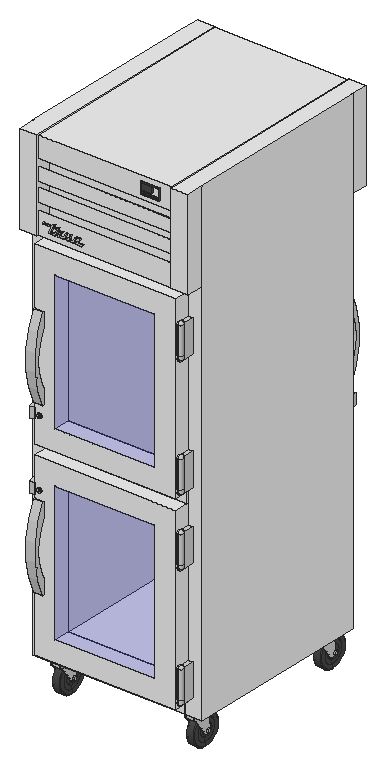
Revit family "QF_TRUE_STR1RPT-2HG-1G-HC", category Specialty Equipment, Revit 2012
Parameters
  Weight in Pounds = 0
  Watts = Volts * FL Amps  # 437 W
  Volts = 115 V
  URL Manufacturer = "www.truemfg.com"
  URL Cutsheet = "www.truemfg.com"
  URL = "www.truemfg.com"
  Type Mark [instance] = ""
  Type Comments = "www.truemfg.com"
  Status [instance] = ""
  Specification by User [instance] = ""
  Specification by Manufacturer = ""
  Show Seismic Flanged [instance] = no
  Show Logo [instance] = yes
  Show Legs [instance] = no
  Show Clearance [instance] = yes
  Serial Number = ""
  Seismic Rating = ""
  Seismic Plate [instance] = and(Show Seismic Flanged, not(Show Casters))  # no
  SMACNA No = ""
  Revision Code [instance] = ""
  Phase = 1
  Omniclass Number and Title = ""
  Number of Poles [instance] = 1
  NAFEM Spec ID Number = ""
  Model = "STR1RPT-2HG-1G-HC"
  Min Ckt Ampacity = 15 A
  Max Overcurrent Protection = 15 A
  MasterSpec. = ""
  Manufacturer = "TRUE FOOD SERVICE EQUIPMENT, INC."
  Length = 27 1/2"
  Legs [instance] = or(Show Legs, Show Seismic Flanged)  # no
  Item Number [instance] = ""
  Installed By [instance] = ""
  Identify Quantity as Lot [instance] = yes
  Height = 77 3/4"
  HP = "1/4"
  Furnished By [instance] = ""
  Foodservice Equipment Identifier [instance] = yes
  FL Amps = 3.8 A
  Electrical Remarks [instance] = ""
  Electric Connection Type [instance] = ""
  Elec Conn RI Height [instance] = 0"
  Elec Conn Connection Height [instance] = 0"
  Description = "PASS-THRU HALF GLASS FRONT/GLASS REAR SWING DOORS REFRIGERATOR WITH HYDROCARBON REFRIGERANT"
  Depth = 36 1/8"
  Cycle = 60 Hz
  Conn Plug = "5-15P"
  Conn Conduit = yes
  Show Casters [instance] = and(not(if(Show Legs, Show Legs, Show Legs)), not(if(Show Legs, Show Legs, Show Seismic Flanged)))  # yes
  CSI MasterFormat = ""
  CSI Master Format = ""
  Apparent Power = if(Phase = 3, Volts * FL Amps * 1.73, Volts * FL Amps)  # 437 VA
Reference planes (in)
  plane 1: z = 0
  plane 2 "LEFT": x = 0
  plane 3 "RIGHT": x = 27.5
  plane 4 "FRONT": y = -33.75
  plane 5 "TOP": z = 84.125
  plane 6: z = 6.125
  plane 7: y = -33.7042
  plane 8: y = 2.375
  plane 9: y = -35.40625
  plane 10: y = 4.03125
Forms (in)
  Extrusion 1, solid, material "QF_Finishes_Chrome - Satin"
    sketch origin (0.09687, 0, 0) x (1, 0, 0) y (0, 1, 0)
      loop
        line (-0.09687, -0.375) -> (-0.09687, -31) -> (2.7625, -31) -> (2.7625, -0.375) -> (-0.09687, -0.375)
    from 6.125 to 84.125
  Extrusion 2, solid, material "QF_Finishes_Chrome - Satin"
    sketch origin (50.15, 0, 0) x (1, 0, 0) y (0, 1, 0)
      loop
        line (-25.50937, -0.375) -> (-25.50937, -31) -> (-22.65, -31) -> (-22.65, -0.375) -> (-25.50937, -0.375)
    from 6.125 to 84.125
  Extrusion 3, solid, material "QF_Finishes_Chrome - Satin"
    sketch origin (0, 0, 0) x (0, 1, 0) y (0, 0, 1)
      loop
        line (-33.5625, 69.5) -> (-31, 69.5) -> (-31, 64.75) -> (-0.375, 64.75) -> (-0.375, 69.5) -> (2.1875, 69.5) -> (2.1875, 73.29302) -> (-0.15841, 71.625) -> (-0.15841, 72.90057) -> (2.1875, 74.56859) -> (2.1875, 76.6648) -> (-0.15841, 74.99678) -> (-0.15841, 75.95754) -> (2.1875, 77.62556) -> (2.1875, 79.75927) -> (-0.15841, 78.09125) -> (-0.15841, 79.21352) -> (2.1875, 80.88154) -> (2.1875, 84.125) -> (-33.5625, 84.125) -> (-33.5625, 80.68002) -> (-31.5, 79.21352) -> (-31.5, 78.09125) -> (-33.5625, 79.55776) -> (-33.5625, 77.42405) -> (-31.5, 75.95754) -> (-31.5, 74.99678) -> (-33.5625, 76.46328) -> (-33.5625, 74.36708) -> (-31.5, 72.90057) -> (-31.5, 71.625) -> (-33.5625, 73.09151) -> (-33.5625, 69.5)
      loop
        line (-31, 6.125) -> (-0.375, 6.125) -> (-0.375, 8.94743) -> (-31, 8.94743) -> (-31, 6.125)
    from 2.85938 to 24.64063
  Extrusion 4, solid, material "QF_Finishes_Chrome - Satin"
    sketch origin (0.10531, 0, 0) x (1, 0, 0) y (0, 1, 0)
      loop
        line (27.34782, -31) -> (24.53532, -31) -> (24.53532, -33.75) -> (27.34782, -33.75) -> (27.34782, -31)
    from 69.5 to 84.125
  Extrusion 5, solid, material "QF_Finishes_Chrome - Satin"
    sketch origin (-50.19421, 0, 0.25) x (1, 0, 0) y (0, 1, 0)
      loop
        line (53.05359, -31) -> (50.24109, -31) -> (50.24109, -33.75) -> (53.05359, -33.75) -> (53.05359, -31)
    from 69.25 to 83.875
  Extrusion 6, solid, material "QF_Finishes_Handrails and Railings", visible <- "Show Logo"
    sketch origin (0.33478, 1.08173, -6.73143) x (1, 0, 0) y (0, 0, 1)
      loop
        line (3.46044, 78.46231) -> (3.35478, 78.23573) -> (4.76027, 78.23573)
        arc (4.76027, 78.23573) -> (4.78879, 78.18528) -> (4.76027, 78.13484) r 0.05887
        line (4.76027, 78.13484) -> (4.39369, 77.34872)
        arc (4.39369, 77.34872) -> (4.39051, 77.27591) -> (4.43975, 77.22217) r 0.09523
        line (4.43975, 77.22217) -> (5.33844, 77.22217)
        arc (5.33844, 77.22217) -> (5.45192, 77.25795) -> (5.52436, 77.35235) r 0.19785
        line (5.52436, 77.35235) -> (5.81285, 77.97101) -> (6.0779, 77.97101)
        arc (6.0779, 77.97101) -> (6.14744, 77.94543) -> (6.13737, 77.87203) r 0.05911
        line (6.13737, 77.87203) -> (5.89598, 77.35437)
        arc (5.89598, 77.35437) -> (5.89974, 77.2684) -> (5.97231, 77.22217) r 0.09318
        line (5.97231, 77.22217) -> (6.76198, 77.22217)
        arc (6.76198, 77.22217) -> (6.82249, 77.24419) -> (6.85468, 77.29995) r 0.09412
        arc (6.85468, 77.29995) -> (6.87746, 77.24495) -> (6.93246, 77.22217) r 0.07778
        line (6.93246, 77.22217) -> (7.43246, 77.22217)
        arc (7.43246, 77.22217) -> (7.49022, 77.23765) -> (7.53251, 77.27993) r 0.11552
        arc (7.53251, 77.27993) -> (7.55275, 77.23106) -> (7.60162, 77.21081) r 0.06912
        line (7.60162, 77.21081) -> (8.31225, 77.21081)
        arc (8.31225, 77.21081) -> (8.37034, 77.23488) -> (8.39441, 77.29297) r 0.08216
        arc (8.39441, 77.29297) -> (8.44767, 77.23972) -> (8.52042, 77.22022) r 0.14551
        line (8.52042, 77.22022) -> (9.85158, 77.22022) -> (9.99946, 77.47634) -> (8.65678, 77.47634)
        arc (8.65678, 77.47634) -> (8.61972, 77.50204) -> (8.61834, 77.54711) r 0.05009
        line (8.61834, 77.54711) -> (8.64157, 77.59692)
        arc (8.64157, 77.59692) -> (8.67723, 77.64364) -> (8.73327, 77.66135) r 0.09747
        line (8.73327, 77.66135) -> (9.16485, 77.66135)
        arc (9.16485, 77.66135) -> (9.258, 77.68631) -> (9.32619, 77.7545) r 0.1863
        line (9.32619, 77.7545) -> (9.45119, 77.97101)
        arc (9.45119, 77.97101) -> (9.45119, 78.08657) -> (9.35111, 78.14434) r 0.11556
        line (9.35111, 78.14434) -> (8.89562, 78.14434)
        arc (8.89562, 78.14434) -> (8.7795, 78.12462) -> (8.69849, 78.03912) r 0.18605
        line (8.69849, 78.03912) -> (8.48204, 77.57493)
        arc (8.48204, 77.57493) -> (8.41815, 77.49167) -> (8.31806, 77.46011) r 0.1745
        line (8.31806, 77.46011) -> (7.84559, 77.46011)
        arc (7.84559, 77.46011) -> (7.78903, 77.52184) -> (7.79268, 77.60548) r 0.10939
        line (7.79268, 77.60548) -> (8.04395, 78.14434) -> (7.88403, 78.14434) -> (7.61781, 77.57344)
        arc (7.61781, 77.57344) -> (7.56609, 77.50603) -> (7.48505, 77.48048) r 0.14128
        line (7.48505, 77.48048) -> (7.15925, 77.48048)
        arc (7.15925, 77.48048) -> (7.10419, 77.55223) -> (7.116, 77.64189) r 0.11816
        line (7.116, 77.64189) -> (7.3503, 78.14434) -> (7.18514, 78.14434) -> (6.91546, 77.566)
        arc (6.91546, 77.566) -> (6.85285, 77.50339) -> (6.76733, 77.48048) r 0.17104
        line (6.76733, 77.48048) -> (6.29555, 77.48048)
        arc (6.29555, 77.48048) -> (6.21082, 77.51999) -> (6.20267, 77.61313) r 0.0935
        line (6.20267, 77.61313) -> (6.35774, 77.94569) -> (6.57695, 77.94569)
        arc (6.57695, 77.94569) -> (6.61395, 78.05717) -> (6.69267, 78.14434) r 0.2857
        line (6.69267, 78.14434) -> (5.83605, 78.14434)
        arc (5.83605, 78.14434) -> (5.74086, 78.12324) -> (5.67498, 78.05135) r 0.16212
        line (5.67498, 78.05135) -> (5.44279, 77.55341)
        arc (5.44279, 77.55341) -> (5.3894, 77.50002) -> (5.31647, 77.48048) r 0.14586
        line (5.31647, 77.48048) -> (4.80506, 77.48048)
        arc (4.80506, 77.48048) -> (4.76514, 77.53442) -> (4.77274, 77.60109) r 0.09155
        line (4.77274, 77.60109) -> (5.11018, 78.23573) -> (5.96155, 78.23573) -> (6.06721, 78.46231) -> (5.21584, 78.46231) -> (5.32149, 78.68888) -> (5.01862, 78.68888) -> (4.91297, 78.46231) -> (3.46044, 78.46231)
      loop
        arc (8.83805, 77.93863) -> (8.80119, 77.92875) -> (8.7742, 77.90176) r 0.07373
        line (8.7742, 77.90176) -> (8.75229, 77.83436)
        arc (8.75229, 77.83436) -> (8.76245, 77.80983) -> (8.78699, 77.79966) r 0.0347
        line (8.78699, 77.79966) -> (9.15948, 77.79966)
        arc (9.15948, 77.79966) -> (9.18632, 77.80561) -> (9.20812, 77.82234) r 0.0635
        line (9.20812, 77.82234) -> (9.22624, 77.90622)
        arc (9.22624, 77.90622) -> (9.22091, 77.92868) -> (9.20009, 77.93863) r 0.02676
        line (9.20009, 77.93863) -> (8.83805, 77.93863)
    from 34.64423 to 34.83173
  Extrusion 7, solid
    sketch origin (-25.125, 2.60721, 0) x (1, 0, 0) y (0, 0, 1)
      loop
        circle (49.375, 82) r 0.25
    from 0.23221 to 0.125
  Revolve 8, solid, material "QF_Finishes_Black", visible <- "Show Casters"
    sketch origin (22.65625, -27.375, 0) x (1, 0, 0) y (0, 0, 1)
      loop
        line (1.475, 5) -> (1.375, 4.9) -> (1.375, 4.29941) -> (1.53601, 4.29941) -> (1.53601, 3.54941) -> (1.375, 3.54941) -> (1.375, 2.79941) -> (0.975, 2.79941) -> (0.975, 2.5) -> (3.025, 2.5) -> (3.025, 2.79941) -> (2.62908, 2.79941) -> (2.62908, 3.54941) -> (2.46399, 3.54941) -> (2.46399, 4.29941) -> (2.62908, 4.29941) -> (2.62908, 4.89592) -> (2.525, 5) -> (1.475, 5)
      axis (3.025, 2.5) -> (0.975, 2.5)
    angle from 0 to 360
  Extrusion 9, solid, material "QF_Finishes_Handrails and Railings", visible <- "Show Casters"
    sketch origin (22.65625, 0, 0) x (0, 1, 0) y (0, 0, 1)
      loop
        line (-29.95136, 5.48574) -> (-29.95136, 4.88089) -> (-29.70136, 4.88089) -> (-27.95216, 2.18736)
        arc (-27.95216, 2.18736) -> (-27.23883, 1.94868) -> (-26.84581, 2.59003) r 0.60416
        line (-26.84581, 2.59003) -> (-27.20136, 5.48574) -> (-29.95136, 5.48574)
      loop
        line (-4.45145, 5.48574) -> (-4.45145, 4.88089) -> (-4.20145, 4.88089) -> (-2.45225, 2.18736)
        arc (-2.45225, 2.18736) -> (-1.73892, 1.94868) -> (-1.3459, 2.59003) r 0.60416
        line (-1.3459, 2.59003) -> (-1.70145, 5.48574) -> (-4.45145, 5.48574)
    from 1.175 to 1.325
  Extrusion 10, solid, material "QF_Finishes_Handrails and Railings", visible <- "Show Casters"
    sketch origin (24.15625, 0, 0) x (0, 1, 0) y (0, 0, 1)
      loop
        line (-29.95136, 5.48574) -> (-29.95136, 4.88089) -> (-29.70136, 4.88089) -> (-27.95216, 2.18736)
        arc (-27.95216, 2.18736) -> (-27.23883, 1.94868) -> (-26.84581, 2.59003) r 0.60416
        line (-26.84581, 2.59003) -> (-27.20136, 5.48574) -> (-29.95136, 5.48574)
      loop
        line (-4.45145, 5.48574) -> (-4.45145, 4.88089) -> (-4.20145, 4.88089) -> (-2.45225, 2.18736)
        arc (-2.45225, 2.18736) -> (-1.73892, 1.94868) -> (-1.3459, 2.59003) r 0.60416
        line (-1.3459, 2.59003) -> (-1.70145, 5.48574) -> (-4.45145, 5.48574)
    from 1.175 to 1.325
  Revolve 11, solid, material "QF_Finishes_Chrome - Satin", visible <- "Show Casters"
    sketch origin (22.65625, -28.5625, -0.5) x (1, 0, 0) y (0, 0, 1)
      loop
        line (2, 5.99546) -> (2, 6.62359) -> (0.70293, 6.62359) -> (0.70293, 5.99546) -> (2, 5.99546)
      axis (2, 5.99546) -> (2, 6.62359)
    angle from 0 to 360
  Revolve 12, solid, material "QF_Finishes_Chrome - Satin", visible <- "Legs"
    sketch origin (22.65625, -2.69102, 0) x (1, 0, 0) y (0, 0, 1)
      loop
        line (2, 6.125) -> (0.66662, 6.125) -> (1.25, 1) -> (1.5, 1) -> (1.5, 0) -> (2, 0) -> (2, 6.125)
      axis (2, 0) -> (2, 6.125)
    angle from 0 to 360
  Revolve 13, solid, material "QF_Finishes_Chrome - Satin", visible <- "Legs"
    sketch origin (22.65625, -28.5625, 0) x (1, 0, 0) y (0, 0, 1)
      loop
        line (2, 6.125) -> (0.66662, 6.125) -> (1.25, 1) -> (1.5, 1) -> (1.5, 0) -> (2, 0) -> (2, 6.125)
      axis (2, 0) -> (2, 6.125)
    angle from 0 to 360
  Revolve 14, solid, material "QF_Finishes_Chrome - Satin", visible <- "Show Casters"
    sketch origin (22.65625, -2.70321, -0.5) x (1, 0, 0) y (0, 0, 1)
      loop
        line (2, 5.99546) -> (2, 6.62359) -> (0.70293, 6.62359) -> (0.70293, 5.99546) -> (2, 5.99546)
      axis (2, 5.99546) -> (2, 6.62359)
    angle from 0 to 360
  Extrusion 15, solid, material "QF_Finishes_Handrails and Railings", visible <- "Show Casters"
    sketch origin (-25.125, 0, 0) x (0, 1, 0) y (0, 0, 1)
      loop
        line (-29.95136, 5.48574) -> (-29.95136, 4.88089) -> (-29.70136, 4.88089) -> (-27.16533, 5.19227) -> (-27.20136, 5.48574) -> (-29.95136, 5.48574)
      loop
        line (-4.45145, 5.48574) -> (-4.45145, 4.88089) -> (-4.20145, 4.88089) -> (-1.66542, 5.19227) -> (-1.70145, 5.48574) -> (-4.45145, 5.48574)
    from 49.10625 to 50.45625
  Revolve 16, solid, material "QF_Finishes_Black", visible <- "Show Casters"
    sketch origin (0.84375, -27.375, 0) x (1, 0, 0) y (0, 0, 1)
      loop
        line (1.475, 5) -> (1.375, 4.9) -> (1.375, 4.29941) -> (1.53601, 4.29941) -> (1.53601, 3.54941) -> (1.375, 3.54941) -> (1.375, 2.79941) -> (0.975, 2.79941) -> (0.975, 2.5) -> (3.025, 2.5) -> (3.025, 2.79941) -> (2.62908, 2.79941) -> (2.62908, 3.54941) -> (2.46399, 3.54941) -> (2.46399, 4.29941) -> (2.62908, 4.29941) -> (2.62908, 4.89592) -> (2.525, 5) -> (1.475, 5)
      axis (3.025, 2.5) -> (0.975, 2.5)
    angle from 0 to 360
  Extrusion 17, solid, material "QF_Finishes_Handrails and Railings", visible <- "Show Casters"
    sketch origin (0.84375, 0, 0) x (0, 1, 0) y (0, 0, 1)
      loop
        line (-29.95136, 5.48574) -> (-29.95136, 4.88089) -> (-29.70136, 4.88089) -> (-27.95216, 2.18736)
        arc (-27.95216, 2.18736) -> (-27.23883, 1.94868) -> (-26.84581, 2.59003) r 0.60416
        line (-26.84581, 2.59003) -> (-27.20136, 5.48574) -> (-29.95136, 5.48574)
      loop
        line (-4.45145, 5.48574) -> (-4.45145, 4.88089) -> (-4.20145, 4.88089) -> (-2.45225, 2.18736)
        arc (-2.45225, 2.18736) -> (-1.73892, 1.94868) -> (-1.3459, 2.59003) r 0.60416
        line (-1.3459, 2.59003) -> (-1.70145, 5.48574) -> (-4.45145, 5.48574)
    from 1.175 to 1.325
  Extrusion 18, solid, material "QF_Finishes_Handrails and Railings", visible <- "Show Casters"
    sketch origin (2.34375, 0, 0) x (0, 1, 0) y (0, 0, 1)
      loop
        line (-29.95136, 5.48574) -> (-29.95136, 4.88089) -> (-29.70136, 4.88089) -> (-27.95216, 2.18736)
        arc (-27.95216, 2.18736) -> (-27.23883, 1.94868) -> (-26.84581, 2.59003) r 0.60416
        line (-26.84581, 2.59003) -> (-27.20136, 5.48574) -> (-29.95136, 5.48574)
      loop
        line (-4.45145, 5.48574) -> (-4.45145, 4.88089) -> (-4.20145, 4.88089) -> (-2.45225, 2.18736)
        arc (-2.45225, 2.18736) -> (-1.73892, 1.94868) -> (-1.3459, 2.59003) r 0.60416
        line (-1.3459, 2.59003) -> (-1.70145, 5.48574) -> (-4.45145, 5.48574)
    from 1.175 to 1.325
  Revolve 19, solid, material "QF_Finishes_Chrome - Satin", visible <- "Show Casters"
    sketch origin (0.84375, -28.5625, -0.5) x (1, 0, 0) y (0, 0, 1)
      loop
        line (2, 5.99546) -> (2, 6.62359) -> (0.70293, 6.62359) -> (0.70293, 5.99546) -> (2, 5.99546)
      axis (2, 5.99546) -> (2, 6.62359)
    angle from 0 to 360
  Revolve 20, solid, material "QF_Finishes_Chrome - Satin", visible <- "Legs"
    sketch origin (0.84375, -2.69102, 0) x (1, 0, 0) y (0, 0, 1)
      loop
        line (2, 6.125) -> (0.66662, 6.125) -> (1.25, 1) -> (1.5, 1) -> (1.5, 0) -> (2, 0) -> (2, 6.125)
      axis (2, 0) -> (2, 6.125)
    angle from 0 to 360
  Revolve 21, solid, material "QF_Finishes_Chrome - Satin", visible <- "Legs"
    sketch origin (0.84375, -28.5625, 0) x (1, 0, 0) y (0, 0, 1)
      loop
        line (2, 6.125) -> (0.66662, 6.125) -> (1.25, 1) -> (1.5, 1) -> (1.5, 0) -> (2, 0) -> (2, 6.125)
      axis (2, 0) -> (2, 6.125)
    angle from 0 to 360
  Revolve 22, solid, material "QF_Finishes_Chrome - Satin", visible <- "Show Casters"
    sketch origin (0.84375, -2.70321, -0.5) x (1, 0, 0) y (0, 0, 1)
      loop
        line (2, 5.99546) -> (2, 6.62359) -> (0.70293, 6.62359) -> (0.70293, 5.99546) -> (2, 5.99546)
      axis (2, 5.99546) -> (2, 6.62359)
    angle from 0 to 360
  Extrusion 23, solid, material "QF_Finishes_Handrails and Railings", visible <- "Show Casters"
    sketch origin (-46.9375, 0, 0) x (0, 1, 0) y (0, 0, 1)
      loop
        line (-29.95136, 5.48574) -> (-29.95136, 4.88089) -> (-29.70136, 4.88089) -> (-27.16533, 5.19227) -> (-27.20136, 5.48574) -> (-29.95136, 5.48574)
      loop
        line (-4.45145, 5.48574) -> (-4.45145, 4.88089) -> (-4.20145, 4.88089) -> (-1.66542, 5.19227) -> (-1.70145, 5.48574) -> (-4.45145, 5.48574)
    from 49.10625 to 50.45625
  Extrusion 24, solid, material "QF_Finishes_Chrome - Satin"
    sketch origin (-25.125, -31.7042, -0.71875) x (1, 0, 0) y (0, 0, -1)
      loop
        line (27.40625, -68.6875) -> (50.34375, -68.6875) -> (50.34375, -8.75) -> (27.40625, -8.75) -> (27.40625, -68.6875)
      loop
        line (47, -12.09375) -> (30.75, -12.09375) -> (30.75, -65.34375) -> (47, -65.34375) -> (47, -12.09375)
    from 31.3292 to 33.8917
  Extrusion 25, solid, material "Glass"
    sketch origin (-25.125, -31.7042, -0.71875) x (1, 0, 0) y (0, 0, -1)
      loop
        line (47, -12.09375) -> (30.75, -12.09375) -> (30.75, -65.34375) -> (47, -65.34375) -> (47, -12.09375)
    from 31.3292 to 33.8917
  Extrusion 26, solid, material "QF_Finishes_Chrome - Satin"
    sketch origin (0.10531, -31.3292, 0) x (1, 0, 0) y (0, 1, 0)
      loop
        line (27.34782, 30.9542) -> (27.34782, 33.7042) -> (24.53532, 33.7042) -> (24.53532, 30.9542) -> (27.34782, 30.9542)
    from 69.5 to 84.125
  Extrusion 27, solid, material "QF_Finishes_Chrome - Satin"
    sketch origin (-50.19421, -31.3292, 0.25) x (1, 0, 0) y (0, 1, 0)
      loop
        line (53.05359, 30.625) -> (53.05359, 33.7042) -> (50.24109, 33.7042) -> (50.24109, 30.625) -> (53.05359, 30.625)
    from 69.25 to 83.875
  Extrusion 28, solid, material "QF_Finishes_Handrails and Railings"
    sketch origin (1.28125, -31.10979, 0) x (0, -1, 0) y (0, 0, -1)
      loop
        line (-30.73479, -64.55229) -> (-30.73479, -59.23627) -> (-32.875, -59.23627) -> (-32.875, -59.94848) -> (-32.43997, -59.94848) -> (-32.43997, -64.34776)
        arc (-32.43997, -64.34776) -> (-32.38006, -64.49238) -> (-32.23544, -64.55229) r 0.20453
        line (-32.23544, -64.55229) -> (-30.73479, -64.55229)
    from 0.17506 to 1
  Revolve 29, solid, material "QF_Finishes_Handrails and Railings"
    sketch origin (1.78125, -31.10979, 0) x (0, -1, 0) y (0, 0, -1)
      loop
        line (-32.89063, -60.00189) -> (-33.29729, -60.00189) -> (-33.29729, -64.4736)
        arc (-33.29729, -64.4736) -> (-33.16222, -64.72557) -> (-32.89063, -64.81483) r 0.3848
        line (-32.89063, -64.81483) -> (-32.89063, -60.00189)
      loop
        line (-32.89063, -59.94848) -> (-32.89063, -59.04781)
        arc (-32.89063, -59.04781) -> (-33.15764, -59.13383) -> (-33.29729, -59.37712) r 0.38884
        line (-33.29729, -59.37712) -> (-33.29729, -59.94848) -> (-32.89063, -59.94848)
      axis (-32.89063, -59.04781) -> (-32.89063, -64.81483)
    angle from 0 to 360
  Extrusion 30, solid, material "QF_Finishes_Handrails and Railings"
    sketch origin (-0.03125, -31.44079, 0) x (1, 0, 0) y (0, 0, -1)
      loop
        line (1.91491, -64.4736) -> (2.3125, -64.4736) -> (2.3125, -60.00079) -> (1.91491, -60.00079) -> (1.91491, -64.4736)
    from 32.81497 to 33.59495
  Extrusion 31, solid, material "QF_Finishes_Handrails and Railings"
    sketch origin (1.28125, -31.10979, -19.5) x (0, -1, 0) y (0, 0, -1)
      loop
        line (-30.73479, -64.55229) -> (-30.73479, -59.23627) -> (-32.875, -59.23627) -> (-32.875, -59.94848) -> (-32.43997, -59.94848) -> (-32.43997, -64.34776)
        arc (-32.43997, -64.34776) -> (-32.38006, -64.49238) -> (-32.23544, -64.55229) r 0.20453
        line (-32.23544, -64.55229) -> (-30.73479, -64.55229)
    from 0.17506 to 1
  Revolve 32, solid, material "QF_Finishes_Handrails and Railings"
    sketch origin (1.78125, -31.10979, -19.5) x (0, -1, 0) y (0, 0, -1)
      loop
        line (-32.89063, -60.00189) -> (-33.29729, -60.00189) -> (-33.29729, -64.4736)
        arc (-33.29729, -64.4736) -> (-33.16222, -64.72557) -> (-32.89063, -64.81483) r 0.3848
        line (-32.89063, -64.81483) -> (-32.89063, -60.00189)
      loop
        line (-32.89063, -59.94848) -> (-32.89063, -59.04781)
        arc (-32.89063, -59.04781) -> (-33.15764, -59.13383) -> (-33.29729, -59.37712) r 0.38884
        line (-33.29729, -59.37712) -> (-33.29729, -59.94848) -> (-32.89063, -59.94848)
      axis (-32.89063, -59.04781) -> (-32.89063, -64.81483)
    angle from 0 to 360
  Extrusion 33, solid, material "QF_Finishes_Handrails and Railings"
    sketch origin (-0.03125, -31.44079, -19.5) x (1, 0, 0) y (0, 0, -1)
      loop
        line (1.91491, -64.4736) -> (2.3125, -64.4736) -> (2.3125, -60.00189) -> (1.91491, -60.00189) -> (1.91491, -64.4736)
    from 32.81497 to 33.59495
  Extrusion 34, solid, material "QF_Finishes_Handrails and Railings"
    sketch origin (1.28125, -31.10979, -30.5) x (0, -1, 0) y (0, 0, -1)
      loop
        line (-30.73479, -64.55229) -> (-30.73479, -59.23627) -> (-32.875, -59.23627) -> (-32.875, -59.94848) -> (-32.43997, -59.94848) -> (-32.43997, -64.34776)
        arc (-32.43997, -64.34776) -> (-32.38006, -64.49238) -> (-32.23544, -64.55229) r 0.20453
        line (-32.23544, -64.55229) -> (-30.73479, -64.55229)
    from 0.17506 to 1
  Revolve 35, solid, material "QF_Finishes_Handrails and Railings"
    sketch origin (1.78125, -31.10979, -30.5) x (0, -1, 0) y (0, 0, -1)
      loop
        line (-32.89063, -60.00189) -> (-33.29729, -60.00189) -> (-33.29729, -64.4736)
        arc (-33.29729, -64.4736) -> (-33.16222, -64.72557) -> (-32.89063, -64.81483) r 0.3848
        line (-32.89063, -64.81483) -> (-32.89063, -60.00189)
      loop
        line (-32.89063, -59.94848) -> (-32.89063, -59.04781)
        arc (-32.89063, -59.04781) -> (-33.15764, -59.13383) -> (-33.29729, -59.37712) r 0.38884
        line (-33.29729, -59.37712) -> (-33.29729, -59.94848) -> (-32.89063, -59.94848)
      axis (-32.89063, -59.04781) -> (-32.89063, -64.81483)
    angle from 0 to 360
  Extrusion 36, solid, material "QF_Finishes_Handrails and Railings"
    sketch origin (-0.03125, -31.40745, -30.5) x (1, 0, 0) y (0, 0, -1)
      loop
        line (1.91491, -64.4736) -> (2.3125, -64.4736) -> (2.3125, -60.00079) -> (1.91491, -60.00079) -> (1.91491, -64.4736)
    from 32.81497 to 33.59495
  Extrusion 37, solid, material "QF_Finishes_Handrails and Railings"
    sketch origin (1.28125, -31.10979, -50.25) x (0, -1, 0) y (0, 0, -1)
      loop
        line (-30.73479, -64.55229) -> (-30.73479, -59.19743) -> (-32.875, -59.19743) -> (-32.875, -59.94848) -> (-32.43997, -59.94848) -> (-32.43997, -64.34776)
        arc (-32.43997, -64.34776) -> (-32.38006, -64.49238) -> (-32.23544, -64.55229) r 0.20453
        line (-32.23544, -64.55229) -> (-30.73479, -64.55229)
    from 0.17506 to 1
  Revolve 38, solid, material "QF_Finishes_Handrails and Railings"
    sketch origin (1.78125, -31.10979, -50.25) x (0, -1, 0) y (0, 0, -1)
      loop
        line (-32.89063, -60.00189) -> (-33.29729, -60.00189) -> (-33.29729, -64.4736)
        arc (-33.29729, -64.4736) -> (-33.16222, -64.72557) -> (-32.89063, -64.81483) r 0.3848
        line (-32.89063, -64.81483) -> (-32.89063, -60.00189)
      loop
        line (-32.89063, -59.94848) -> (-32.89063, -59.04781)
        arc (-32.89063, -59.04781) -> (-33.15764, -59.13383) -> (-33.29729, -59.37712) r 0.38884
        line (-33.29729, -59.37712) -> (-33.29729, -59.94848) -> (-32.89063, -59.94848)
      axis (-32.89063, -59.04781) -> (-32.89063, -64.81483)
    angle from 0 to 360
  Extrusion 39, solid, material "QF_Finishes_Handrails and Railings"
    sketch origin (-0.03125, -31.42412, -50.25) x (1, 0, 0) y (0, 0, -1)
      loop
        line (1.91491, -64.4736) -> (2.3125, -64.4736) -> (2.3125, -60.00079) -> (1.91491, -60.00079) -> (1.91491, -64.4736)
    from 32.81497 to 33.59495
  Extrusion 40, solid, material "QF_Finishes_Handrails and Railings"
    sketch origin (35.93981, -31.125, 93.525) x (0, -1, 0) y (0, 0, 1)
      loop
        line (-33.3125, -54.15) -> (-33.3125, -51.75487)
        arc (-33.3125, -51.75487) -> (-34.68686, -47.2125) -> (-33.3125, -42.67014) r 8.19361
        line (-33.3125, -42.67014) -> (-33.3125, -40.275) -> (-33.51517, -40.275)
        arc (-33.51517, -40.275) -> (-35.15628, -47.2125) -> (-33.51517, -54.15) r 15.48411
        line (-33.51517, -54.15) -> (-33.3125, -54.15)
    from 10.87731 to 12.37731
  Extrusion 41, solid, material "QF_Finishes_Handrails and Railings"
    sketch origin (50.84375, -31.3125, -2.0625) x (-1, 0, 0) y (0, 0, 1)
      loop
        circle (26.4375, 40.0625) r 0.35
      loop
        line (26.47265, 40.33635) -> (26.41715, 40.33635) -> (26.41715, 39.76895) -> (26.47265, 39.76895) -> (26.47265, 40.33635)
    from 33.5 to 33.5625
  Blend 42, solid, material "QF_Finishes_Handrails and Railings"
    base sketch origin (-0.03125, -31.7042, -0.0625) x (1, 0, 0) y (0, 0, -1)
      loop
        line (25.25, -38.99169) -> (26, -38.99169) -> (26, -37.24169) -> (25.25, -37.24169) -> (25.25, -38.99169)
    top sketch origin (-0.03125, -31.7042, -0.0625) x (1, 0, 0) y (0, 0, -1)
      loop
        line (26.18223, -36.6441) -> (25.25, -36.6441) -> (25.25, -39.42643) -> (26.18223, -39.42643) -> (26.18223, -36.6441)
    from 33.8917 to 31.3292
  Extrusion 43, solid, material "QF_Finishes_Chrome - Satin"
    sketch origin (-25.125, 0, -0.8125) x (1, 0, 0) y (0, 0, 1)
      loop
        line (50.34375, 37.96875) -> (27.40625, 37.96875) -> (27.40625, 8.84375) -> (50.34375, 8.84375) -> (50.34375, 37.96875)
      loop
        line (50.34375, 68.78125) -> (27.40625, 68.78125) -> (27.40625, 39.65625) -> (50.34375, 39.65625) -> (50.34375, 68.78125)
      loop
        line (47, 65.4375) -> (30.75, 65.4375) -> (30.75, 43) -> (47, 43) -> (47, 65.4375)
      loop
        line (47, 34.625) -> (30.75, 34.625) -> (30.75, 12.1875) -> (47, 12.1875) -> (47, 34.625)
    from 31 to 33.5625
  Extrusion 44, solid, material "QF_Finishes_Handrails and Railings"
    sketch origin (-8.53356, -0.25, 98.9375) x (0, 1, 0) y (0, 0, 1)
      loop
        line (-33.3125, -53.875) -> (-33.3125, -51.49649)
        arc (-33.3125, -51.49649) -> (-34.64003, -47.075) -> (-33.3125, -42.65351) r 8.0269
        line (-33.3125, -42.65351) -> (-33.3125, -40.275) -> (-33.5247, -40.275)
        arc (-33.5247, -40.275) -> (-35.15626, -47.075) -> (-33.5247, -53.875) r 14.98625
        line (-33.5247, -53.875) -> (-33.3125, -53.875)
    from 10.87731 to 12.37731
  Extrusion 45, solid, material "QF_Finishes_Handrails and Railings"
    sketch origin (-23.34375, 0.10979, 3.15625) x (1, 0, 0) y (0, 0, 1)
      loop
        circle (26.4375, 40.0625) r 0.35
      loop
        line (26.47265, 40.33635) -> (26.41715, 40.33635) -> (26.41715, 39.76895) -> (26.47265, 39.76895) -> (26.47265, 40.33635)
    from 33.67229 to 33.73479
  Blend 46, solid, material "QF_Finishes_Handrails and Railings"
    base sketch origin (27.53125, 0.10979, 5.15625) x (-1, 0, 0) y (0, 0, -1)
      loop
        line (25.25, -38.99169) -> (26, -38.99169) -> (26, -37.24169) -> (25.25, -37.24169) -> (25.25, -38.99169)
    top sketch origin (27.53125, 0.10979, 5.15625) x (-1, 0, 0) y (0, 0, -1)
      loop
        line (26.18223, -36.6441) -> (25.25, -36.6441) -> (25.25, -39.42643) -> (26.18223, -39.42643) -> (26.18223, -36.6441)
    from 33.67229 to 31.10979
  Extrusion 47, solid, material "QF_Finishes_Handrails and Railings"
    sketch origin (26.21875, 0.10979, -0.09375) x (0, 1, 0) y (0, 0, -1)
      loop
        line (-31.10979, -64.55229) -> (-31.10979, -59.23627) -> (-33.25, -59.23627) -> (-33.25, -59.94848) -> (-32.81497, -59.94848) -> (-32.81497, -64.34776)
        arc (-32.81497, -64.34776) -> (-32.75506, -64.49238) -> (-32.61044, -64.55229) r 0.20453
        line (-32.61044, -64.55229) -> (-31.10979, -64.55229)
    from 0.17506 to 1
  Revolve 48, solid, material "QF_Finishes_Handrails and Railings"
    sketch origin (25.71875, 0.10979, -0.09375) x (0, 1, 0) y (0, 0, -1)
      loop
        line (-33.26563, -60.00189) -> (-33.67229, -60.00189) -> (-33.67229, -64.4736)
        arc (-33.67229, -64.4736) -> (-33.53722, -64.72557) -> (-33.26563, -64.81483) r 0.3848
        line (-33.26563, -64.81483) -> (-33.26563, -60.00189)
      loop
        line (-33.26563, -59.94848) -> (-33.26563, -59.04781)
        arc (-33.26563, -59.04781) -> (-33.53264, -59.13383) -> (-33.67229, -59.37712) r 0.38884
        line (-33.67229, -59.37712) -> (-33.67229, -59.94848) -> (-33.26563, -59.94848)
      axis (-33.26563, -59.04781) -> (-33.26563, -64.81483)
    angle from 0 to 360
  Extrusion 49, solid, material "QF_Finishes_Handrails and Railings"
    sketch origin (27.53125, 0.10979, -0.09375) x (-1, 0, 0) y (0, 0, -1)
      loop
        line (1.91491, -64.4736) -> (2.3125, -64.4736) -> (2.3125, -60.00079) -> (1.91491, -60.00079) -> (1.91491, -64.4736)
    from 32.81497 to 33.59495
  Extrusion 50, solid, material "QF_Finishes_Handrails and Railings"
    sketch origin (26.21875, 0.10979, -19.59375) x (0, 1, 0) y (0, 0, -1)
      loop
        line (-31.10979, -64.55229) -> (-31.10979, -59.23627) -> (-33.25, -59.23627) -> (-33.25, -59.94848) -> (-32.81497, -59.94848) -> (-32.81497, -64.34776)
        arc (-32.81497, -64.34776) -> (-32.75506, -64.49238) -> (-32.61044, -64.55229) r 0.20453
        line (-32.61044, -64.55229) -> (-31.10979, -64.55229)
    from 0.17506 to 1
  Revolve 51, solid, material "QF_Finishes_Handrails and Railings"
    sketch origin (25.71875, 0.10979, -19.59375) x (0, 1, 0) y (0, 0, -1)
      loop
        line (-33.26563, -60.00189) -> (-33.67229, -60.00189) -> (-33.67229, -64.4736)
        arc (-33.67229, -64.4736) -> (-33.53722, -64.72557) -> (-33.26563, -64.81483) r 0.3848
        line (-33.26563, -64.81483) -> (-33.26563, -60.00189)
      loop
        line (-33.26563, -59.94848) -> (-33.26563, -59.04781)
        arc (-33.26563, -59.04781) -> (-33.53264, -59.13383) -> (-33.67229, -59.37712) r 0.38884
        line (-33.67229, -59.37712) -> (-33.67229, -59.94848) -> (-33.26563, -59.94848)
      axis (-33.26563, -59.04781) -> (-33.26563, -64.81483)
    angle from 0 to 360
  Extrusion 52, solid, material "QF_Finishes_Handrails and Railings"
    sketch origin (27.53125, 0.10979, -19.59375) x (-1, 0, 0) y (0, 0, -1)
      loop
        line (1.91491, -64.4736) -> (2.3125, -64.4736) -> (2.3125, -60.00079) -> (1.91491, -60.00079) -> (1.91491, -64.4736)
    from 32.81497 to 33.59495
  Extrusion 53, solid, material "QF_Finishes_Handrails and Railings"
    sketch origin (26.21875, 0.10979, -30.59375) x (0, 1, 0) y (0, 0, -1)
      loop
        line (-31.10979, -64.55229) -> (-31.10979, -59.23627) -> (-33.25, -59.23627) -> (-33.25, -59.94848) -> (-32.81497, -59.94848) -> (-32.81497, -64.34776)
        arc (-32.81497, -64.34776) -> (-32.75506, -64.49238) -> (-32.61044, -64.55229) r 0.20453
        line (-32.61044, -64.55229) -> (-31.10979, -64.55229)
    from 0.17506 to 1
  Revolve 54, solid, material "QF_Finishes_Handrails and Railings"
    sketch origin (25.71875, 0.10979, -30.59375) x (0, 1, 0) y (0, 0, -1)
      loop
        line (-33.26563, -60.00189) -> (-33.67229, -60.00189) -> (-33.67229, -64.4736)
        arc (-33.67229, -64.4736) -> (-33.53722, -64.72557) -> (-33.26563, -64.81483) r 0.3848
        line (-33.26563, -64.81483) -> (-33.26563, -60.00189)
      loop
        line (-33.26563, -59.94848) -> (-33.26563, -59.04781)
        arc (-33.26563, -59.04781) -> (-33.53264, -59.13383) -> (-33.67229, -59.37712) r 0.38884
        line (-33.67229, -59.37712) -> (-33.67229, -59.94848) -> (-33.26563, -59.94848)
      axis (-33.26563, -59.04781) -> (-33.26563, -64.81483)
    angle from 0 to 360
  Extrusion 55, solid, material "QF_Finishes_Handrails and Railings"
    sketch origin (27.53125, 0.10979, -30.59375) x (-1, 0, 0) y (0, 0, -1)
      loop
        line (1.91491, -64.4736) -> (2.3125, -64.4736) -> (2.3125, -60.00079) -> (1.91491, -60.00079) -> (1.91491, -64.4736)
    from 32.81497 to 33.59495
  Extrusion 56, solid, material "QF_Finishes_Handrails and Railings"
    sketch origin (26.21875, 0.10979, -50.34375) x (0, 1, 0) y (0, 0, -1)
      loop
        line (-31.10979, -64.55229) -> (-31.10979, -59.29118) -> (-33.25, -59.29118) -> (-33.25, -59.94848) -> (-32.81497, -59.94848) -> (-32.81497, -64.34776)
        arc (-32.81497, -64.34776) -> (-32.75506, -64.49238) -> (-32.61044, -64.55229) r 0.20453
        line (-32.61044, -64.55229) -> (-31.10979, -64.55229)
    from 0.17506 to 1
  Revolve 57, solid, material "QF_Finishes_Handrails and Railings"
    sketch origin (25.71875, 0.10979, -50.34375) x (0, 1, 0) y (0, 0, -1)
      loop
        line (-33.26563, -60.00189) -> (-33.67229, -60.00189) -> (-33.67229, -64.4736)
        arc (-33.67229, -64.4736) -> (-33.53722, -64.72557) -> (-33.26563, -64.81483) r 0.3848
        line (-33.26563, -64.81483) -> (-33.26563, -60.00189)
      loop
        line (-33.26563, -59.94848) -> (-33.26563, -59.04781)
        arc (-33.26563, -59.04781) -> (-33.53264, -59.13383) -> (-33.67229, -59.37712) r 0.38884
        line (-33.67229, -59.37712) -> (-33.67229, -59.94848) -> (-33.26563, -59.94848)
      axis (-33.26563, -59.04781) -> (-33.26563, -64.81483)
    angle from 0 to 360
  Extrusion 58, solid, material "QF_Finishes_Handrails and Railings"
    sketch origin (27.53125, 0.10979, -50.34375) x (-1, 0, 0) y (0, 0, -1)
      loop
        line (1.91491, -64.4736) -> (2.3125, -64.4736) -> (2.3125, -60.00079) -> (1.91491, -60.00079) -> (1.91491, -64.4736)
    from 32.81497 to 33.59495
  Extrusion 59, solid, material "QF_Finishes_Handrails and Railings"
    sketch origin (-23.375, 0.10979, 72.375) x (1, 0, 0) y (0, 0, 1)
      loop
        circle (26.4375, -40.0625) r 0.35
      loop
        line (26.47265, -40.33635) -> (26.47265, -39.76895) -> (26.41715, -39.76895) -> (26.41715, -40.33635) -> (26.47265, -40.33635)
    from 33.67229 to 33.73479
  Blend 60, solid, material "QF_Finishes_Handrails and Railings"
    base sketch origin (27.53125, 0.10979, 70.375) x (-1, 0, 0) y (0, 0, -1)
      loop
        line (25.25, 38.99169) -> (25.25, 37.24169) -> (26, 37.24169) -> (26, 38.99169) -> (25.25, 38.99169)
    top sketch origin (27.53125, 0.10979, 70.375) x (-1, 0, 0) y (0, 0, -1)
      loop
        line (26.18223, 36.6441) -> (26.18223, 39.42643) -> (25.25, 39.42643) -> (25.25, 36.6441) -> (26.18223, 36.6441)
    from 33.67229 to 31.10979
  Extrusion 61, solid, material "QF_Finishes_Chrome - Satin"
    sketch origin (0, 0, -0.09375) x (1, 0, 0) y (0, 0, 1)
      loop
        line (2.28125, 38.9375) -> (2.28125, 37.25) -> (25.21875, 37.25) -> (25.21875, 38.9375) -> (2.28125, 38.9375)
    from 31 to 31.25
  Extrusion 62, solid, material "Glass"
    sketch origin (-25.125, 0, -0.8125) x (1, 0, 0) y (0, 0, 1)
      loop
        line (30.75, 43) -> (47, 43) -> (47, 65.4375) -> (30.75, 65.4375) -> (30.75, 43)
      loop
        line (30.75, 12.1875) -> (47, 12.1875) -> (47, 34.625) -> (30.75, 34.625) -> (30.75, 12.1875)
    from 31 to 33.5625
  Extrusion 63, solid, material "QF_Finishes_White"
    sketch origin (-23.16691, 1.06376, 1.58022) x (1, 0, 0) y (0, 0, 1)
      loop
        line (42.91107, 81.73227) -> (42.91107, 79.98496) -> (45.81732, 79.98496) -> (45.81732, 81.73227) -> (42.91107, 81.73227)
    from 34.62626 to 34.72001
  Extrusion 64, solid, material "QF_Finishes_Black"
    sketch origin (-23.16691, 1.06376, 1.58022) x (1, 0, 0) y (0, 0, 1)
      loop
        line (45.87982, 81.79477) -> (42.84857, 81.79477) -> (42.84857, 79.92246) -> (45.87982, 79.92246) -> (45.87982, 81.79477)
      loop
        spline (43.04857, 80.25372) -> (43.05708, 80.23754) -> (43.08206, 80.22247) -> (43.12179, 80.20952) -> (43.17357, 80.19959) -> (43.23386, 80.19335) -> (43.29857, 80.19122) -> (43.36327, 80.19335) -> (43.42357, 80.19959) -> (43.47534, 80.20952) -> (43.51507, 80.22247) -> (43.54005, 80.23754) -> (43.54857, 80.25372)
        spline (43.54857, 80.25372) -> (43.54005, 80.26989) -> (43.51507, 80.28497) -> (43.47534, 80.29791) -> (43.42357, 80.30784) -> (43.36327, 80.31409) -> (43.29857, 80.31622) -> (43.23386, 80.31409) -> (43.17357, 80.30784) -> (43.12179, 80.29791) -> (43.08206, 80.28497) -> (43.05708, 80.26989) -> (43.04857, 80.25372)
      loop
        spline (43.74458, 80.25372) -> (43.7531, 80.23754) -> (43.77807, 80.22247) -> (43.8178, 80.20952) -> (43.86958, 80.19959) -> (43.92987, 80.19335) -> (43.99458, 80.19122) -> (44.05928, 80.19335) -> (44.11958, 80.19959) -> (44.17136, 80.20952) -> (44.21109, 80.22247) -> (44.23606, 80.23754) -> (44.24458, 80.25372)
        spline (44.24458, 80.25372) -> (44.23606, 80.26989) -> (44.21109, 80.28497) -> (44.17136, 80.29791) -> (44.11958, 80.30784) -> (44.05928, 80.31409) -> (43.99458, 80.31622) -> (43.92987, 80.31409) -> (43.86958, 80.30784) -> (43.8178, 80.29791) -> (43.77807, 80.28497) -> (43.7531, 80.26989) -> (43.74458, 80.25372)
      loop
        spline (44.49458, 80.25372) -> (44.5031, 80.23754) -> (44.52807, 80.22247) -> (44.5678, 80.20952) -> (44.61958, 80.19959) -> (44.67987, 80.19335) -> (44.74458, 80.19122) -> (44.80928, 80.19335) -> (44.86958, 80.19959) -> (44.92136, 80.20952) -> (44.96109, 80.22247) -> (44.98606, 80.23754) -> (44.99458, 80.25372)
        spline (44.99458, 80.25372) -> (44.98606, 80.26989) -> (44.96109, 80.28497) -> (44.92136, 80.29791) -> (44.86958, 80.30784) -> (44.80928, 80.31409) -> (44.74458, 80.31622) -> (44.67987, 80.31409) -> (44.61958, 80.30784) -> (44.5678, 80.29791) -> (44.52807, 80.28497) -> (44.5031, 80.26989) -> (44.49458, 80.25372)
      loop
        line (43.04856, 81.59478) -> (43.04856, 80.59478) -> (44.74808, 80.59478) -> (44.74808, 81.59478) -> (43.04856, 81.59478)
      loop
        line (45.81732, 81.73227) -> (42.91107, 81.73227) -> (42.91107, 79.98496) -> (45.81732, 79.98496) -> (45.81732, 81.73227)
      loop
        spline (45.24458, 80.25372) -> (45.2531, 80.23754) -> (45.27807, 80.22247) -> (45.3178, 80.20952) -> (45.36958, 80.19959) -> (45.42987, 80.19335) -> (45.49458, 80.19122) -> (45.55928, 80.19335) -> (45.61958, 80.19959) -> (45.67136, 80.20952) -> (45.71109, 80.22247) -> (45.73606, 80.23754) -> (45.74458, 80.25372)
        spline (45.74458, 80.25372) -> (45.73606, 80.26989) -> (45.71109, 80.28497) -> (45.67136, 80.29791) -> (45.61958, 80.30784) -> (45.55928, 80.31409) -> (45.49458, 80.31622) -> (45.42987, 80.31409) -> (45.36958, 80.30784) -> (45.3178, 80.29791) -> (45.27807, 80.28497) -> (45.2531, 80.26989) -> (45.24458, 80.25372)
    from 34.62626 to 34.81376
  Revolve 65, solid, material "QF_Finishes_Black", visible <- "Show Casters"
    sketch origin (22.65625, -1.50009, 0) x (1, 0, 0) y (0, 0, 1)
      loop
        line (1.475, 5) -> (1.375, 4.9) -> (1.375, 4.29941) -> (1.53601, 4.29941) -> (1.53601, 3.54941) -> (1.375, 3.54941) -> (1.375, 2.79941) -> (0.975, 2.79941) -> (0.975, 2.5) -> (3.025, 2.5) -> (3.025, 2.79941) -> (2.62908, 2.79941) -> (2.62908, 3.54941) -> (2.46399, 3.54941) -> (2.46399, 4.29941) -> (2.62908, 4.29941) -> (2.62908, 4.89592) -> (2.525, 5) -> (1.475, 5)
      axis (3.025, 2.5) -> (0.975, 2.5)
    angle from 0 to 360
  Revolve 66, solid, material "QF_Finishes_Black", visible <- "Show Casters"
    sketch origin (0.84375, -1.50009, 0) x (1, 0, 0) y (0, 0, 1)
      loop
        line (1.475, 5) -> (1.375, 4.9) -> (1.375, 4.29941) -> (1.53601, 4.29941) -> (1.53601, 3.54941) -> (1.375, 3.54941) -> (1.375, 2.79941) -> (0.975, 2.79941) -> (0.975, 2.5) -> (3.025, 2.5) -> (3.025, 2.79941) -> (2.62908, 2.79941) -> (2.62908, 3.54941) -> (2.46399, 3.54941) -> (2.46399, 4.29941) -> (2.62908, 4.29941) -> (2.62908, 4.89592) -> (2.525, 5) -> (1.475, 5)
      axis (3.025, 2.5) -> (0.975, 2.5)
    angle from 0 to 360
  Extrusion 67, solid, material "QF_Door-Drawer Clearances", visible <- "Show Clearance", detail levels coarse
    sketch origin (26.42841, -3.60924, 0) x (1, 0, 0) y (0, 1, 0)
      loop
        line (-24.14709, 5.79786) -> (-1.20966, 5.79786)
        arc (-1.20966, 5.79786) -> (-7.87287, 22.09935) -> (-24.14709, 28.8289) r 22.86401
        line (-24.14709, 28.8289) -> (-24.14709, 5.79786)
    from 8.03125 to 67.96875
  Extrusion 68, solid, material "QF_Door-Drawer Clearances", visible <- "Show Clearance", detail levels coarse
    sketch origin (26.42841, -3.60924, -30.8125) x (1, 0, 0) y (0, 1, 0)
      loop
        line (-1.20973, -29.95326) -> (-24.14716, -29.95326)
        arc (-24.14716, -29.95326) -> (-17.48395, -46.25475) -> (-1.20973, -52.9843) r 22.86401
        line (-1.20973, -52.9843) -> (-1.20973, -29.95326)
    from 38.84375 to 67.96875
  Extrusion 69, solid, material "QF_Door-Drawer Clearances", visible <- "Show Clearance", detail levels coarse
    sketch origin (26.42841, -3.60924, 0) x (1, 0, 0) y (0, 1, 0)
      loop
        line (-1.20973, -29.95326) -> (-24.14716, -29.95326)
        arc (-24.14716, -29.95326) -> (-17.48395, -46.25475) -> (-1.20973, -52.9843) r 22.86401
        line (-1.20973, -52.9843) -> (-1.20973, -29.95326)
    from 38.84375 to 67.96875
  Extrusion 70, solid, material "QF_Finishes_Chrome - Satin", visible <- "Seismic Plate"
    sketch origin (-0.22541, -26.86834, 0) x (1, 0, 0) y (0, 1, 0)
      loop
        circle (3.06916, -1.69416) r 1.5
    from 0 to 0.25
  Extrusion 71, solid, material "QF_Finishes_Chrome - Satin", visible <- "Seismic Plate"
    sketch origin (-0.22541, -0.99687, 0) x (1, 0, 0) y (0, 1, 0)
      loop
        circle (3.06916, -1.69416) r 1.5
    from 0 to 0.25
  Extrusion 72, solid, material "QF_Finishes_Chrome - Satin", visible <- "Seismic Plate"
    sketch origin (21.49334, -0.99687, 0) x (1, 0, 0) y (0, 1, 0)
      loop
        circle (3.16291, -1.69416) r 1.5
    from 0 to 0.25
  Extrusion 73, solid, material "QF_Finishes_Chrome - Satin", visible <- "Seismic Plate"
    sketch origin (21.49334, -26.86834, 0) x (1, 0, 0) y (0, 1, 0)
      loop
        circle (3.16291, -1.69416) r 1.5
    from 0 to 0.25
  Extrusion 74, solid, material "QF_Finishes_Handrails and Railings"
    sketch origin (-8.53356, -0.25, -22.9375) x (0, 1, 0) y (0, 0, 1)
      loop
        line (-33.3125, 53.875) -> (-33.5247, 53.875)
        arc (-33.5247, 53.875) -> (-35.15626, 47.075) -> (-33.5247, 40.275) r 14.98625
        line (-33.5247, 40.275) -> (-33.3125, 40.275) -> (-33.3125, 42.65351)
        arc (-33.3125, 42.65351) -> (-34.64003, 47.075) -> (-33.3125, 51.49649) r 8.0269
        line (-33.3125, 51.49649) -> (-33.3125, 53.875)
    from 10.87731 to 12.37731
Cuts and joins
  joined: Extrusion 1, Extrusion 2, Extrusion 4, Extrusion 5, Extrusion 26, Extrusion 27
Lines and regions (in)
  symbolic lines
    curve 1: line (0, -0.375, 0) -> (27.5, -0.375, 0)
    curve 2: line (0, -33.75, 0) -> (0, 2.375, 0)
    curve 3: line (27.5, -33.75, 0) -> (0, -33.75, 0)
    curve 4: line (27.5, 2.375, 0) -> (27.5, -33.75, 0)
    curve 5: line (27.5, -31, 0) -> (0, -31, 0)
    curve 23: line (2.34375, -33.75, 0) -> (2.34375, -35.40625, 0)
    curve 24: line (2.34375, -35.40625, 0) -> (3.84375, -35.40625, 0)
    curve 25: line (3.84375, -35.40625, 0) -> (3.84375, -33.9375, 0)
    curve 26: line (23.5625, 2.5625, 0) -> (23.5625, 4.03125, 0)
    curve 27: line (23.5625, 4.03125, 0) -> (25.0625, 4.03125, 0)
    curve 28: line (25.0625, 4.03125, 0) -> (25.0625, 2.375, 0)
    curve 29: line (0, 2.375, 0) -> (27.5, 2.375, 0)
    curve 31: line (3.68957, -33.75, 0) -> (3.68957, -33.9375, 0)
    curve 32: line (3.68957, -33.9375, 0) -> (10.33424, -33.9375, 0)
    curve 33: line (10.33424, -33.9375, 0) -> (10.33424, -33.75, 0)
    curve 34: line (19.68165, -33.75, 0) -> (19.68165, -33.9375, 0)
    curve 35: line (19.68165, -33.9375, 0) -> (22.7129, -33.9375, 0)
    curve 36: line (22.7129, -33.9375, 0) -> (22.7129, -33.75, 0)
    curve 37: line (23.81043, 2.375, 0) -> (23.81043, 2.5625, 0)
    curve 38: line (23.81043, 2.5625, 0) -> (17.16576, 2.5625, 0)
    curve 39: line (17.16576, 2.5625, 0) -> (17.16576, 2.375, 0)
  symbolic lines, style "SpecialityEquipmentHiddenLines", visible <- "Show Casters"
    curve 6: line (3.91409, -24.76035, 0) -> (5.00001, -25.3873, 0)
    curve 7: line (1.41409, -29.09048, 0) -> (3.91409, -24.76035, 0)
    curve 8: line (2.50001, -29.71743, 0) -> (1.41409, -29.09048, 0)
    curve 9: line (5.00001, -25.3873, 0) -> (2.50001, -29.71743, 0)
    curve 10: line (3.91409, -0.76035, 0) -> (5.00001, -1.3873, 0)
    curve 11: line (1.41409, -5.09048, 0) -> (3.91409, -0.76035, 0)
    curve 12: line (2.50001, -5.71743, 0) -> (1.41409, -5.09048, 0)
    curve 13: line (5.00001, -1.3873, 0) -> (2.50001, -5.71743, 0)
    curve 14: line (24.82156, -0.76035, 0) -> (25.90747, -1.3873, 0)
    curve 15: line (22.32156, -5.09048, 0) -> (24.82156, -0.76035, 0)
    curve 16: line (23.40747, -5.71743, 0) -> (22.32156, -5.09048, 0)
    curve 17: line (25.90747, -1.3873, 0) -> (23.40747, -5.71743, 0)
    curve 18: line (24.82156, -24.86443, 0) -> (25.90747, -25.49138, 0)
    curve 19: line (22.32156, -29.19455, 0) -> (24.82156, -24.86443, 0)
    curve 20: line (23.40747, -29.82151, 0) -> (22.32156, -29.19455, 0)
    curve 21: line (25.90747, -25.49138, 0) -> (23.40747, -29.82151, 0)
  symbolic lines, style "QF_Door-Drawer Clearances"
    curve 22: line (25.21868, -33.75, 0) -> (5.35376, -45.21902, 0)
    curve 40: line (2.28132, 2.375, 0) -> (22.14624, 13.84402, 0)
    curve 41: arc (2.28064, -33.75, 0) -> (3.06224, -39.6868, 0) -> (5.35376, -45.21902, 0) r 22.93804
    curve 42: arc (25.21936, 2.375, 0) -> (24.43776, 8.3118, 0) -> (22.14624, 13.84402, 0) r 22.93804
  model lines
    curve 30: line (0, -32.5, 43.32475) -> (0, -32.5625, 43.32475)
Dimensions and locks (in)
  plane 6 to level = 6 1/8"
  plane 5 "TOP" to level = 84 1/8"
  plane 5 "TOP" to plane 6 = 78"
  "Length": plane 2 "LEFT" to plane 3 "RIGHT"
  "Depth": plane 4 "FRONT" to plane 8
  plane 3 "RIGHT" to plane 2 "LEFT" = 27 1/2"
  cut or joined group of Extrusion 1, Extrusion 2, Extrusion 4, Extrusion 5, Extrusion 26, Extrusion 27 to cut or joined group of Extrusion 1, Extrusion 2, Extrusion 4, Extrusion 5, Extrusion 26, Extrusion 27 = 2 13/16"  (x2)
  Extrusion 43 to plane 6 = 1 29/32"
  Extrusion 43 to plane 2 "LEFT" = 2 9/32"
  plane 3 "RIGHT" to Extrusion 43 = 2 9/32"
  Extrusion 3 to Extrusion 43 to Extrusion 43 to Extrusion 43 to Extrusion 43 = 1 17/32", 29 1/8", 1 11/16", 29 1/8"
  cut or joined group of Extrusion 1, Extrusion 2, Extrusion 4, Extrusion 5, Extrusion 26, Extrusion 27 to cut or joined group of Extrusion 1, Extrusion 2, Extrusion 4, Extrusion 5, Extrusion 26, Extrusion 27 = 27 13/32"
  Extrusion 43 to Extrusion 43 = 22 15/16"
  plane 4 "FRONT" to plane 8 = 36 1/8"
  cut or joined group of Extrusion 1, Extrusion 2, Extrusion 4, Extrusion 5, Extrusion 26, Extrusion 27 to cut or joined group of Extrusion 1, Extrusion 2, Extrusion 4, Extrusion 5, Extrusion 26, Extrusion 27 = 30 5/8"  (x2)
  plane 8 to plane 4 "FRONT" = 36 1/8"
  plane 10 to plane 9 = 39 7/16"
  aligned and locked: level to plane 1
  aligned and locked: cut or joined group of Extrusion 1, Extrusion 2, Extrusion 4, Extrusion 5, Extrusion 26, Extrusion 27 to cut or joined group of Extrusion 1, Extrusion 2, Extrusion 4, Extrusion 5, Extrusion 26, Extrusion 27  (x2)
  aligned and locked: Extrusion 3 to cut or joined group of Extrusion 1, Extrusion 2, Extrusion 4, Extrusion 5, Extrusion 26, Extrusion 27  (x2)
Automatic sketch dimensions
  curve 30 to plane 4 "FRONT" = 1 3/16"
  curve 30 to curve 30 = 1/16"
  plane 6 to curve 30 = 37.19975"
  curve 1 to plane 2 "LEFT" = 0"
  plane 4 "FRONT" to curve 41 = 0"
  plane 8 to curve 40 = 0"
  curve 24 to plane 9 = 0"
  curve 27 to plane 10 = 0"
  curve 3 to plane 3 "RIGHT" = 0"
  plane 2 "LEFT" to curve 11 = 1.41409"
  plane 2 "LEFT" to curve 8 = 1.41409"
  plane 2 "LEFT" to curve 41 = 2.28064"
  plane 2 "LEFT" to curve 40 = 2.28132"
  curve 42 to curve 40 = 0"
  curve 41 to curve 23 = 0.06311"
  curve 7 to curve 9 = 1.08591"
  curve 11 to curve 12 = 1.08591"
  curve 23 to curve 31 = 1.34582"
  curve 31 to curve 25 = 0.15418"
  curve 40 to curve 10 = 1.63277"
  plane 2 "LEFT" to curve 7 = 3.91409"
  plane 2 "LEFT" to curve 41 = 5.35376"
  curve 39 to plane 8 = 3/16"
  curve 39 to plane 3 "RIGHT" = 10.33424"
  plane 4 "FRONT" to curve 34 = 3/16"
  curve 40 to plane 3 "RIGHT" = 5.35376"
  curve 16 to plane 3 "RIGHT" = 5.17844"
  curve 20 to plane 3 "RIGHT" = 5.17844"
  curve 34 to curve 36 = 3 1/32"
  curve 15 to curve 17 = 1.08591"
  curve 19 to curve 20 = 1.08591"
  curve 26 to plane 3 "RIGHT" = 3 15/16"
  curve 26 to curve 37 = 0.24793"
  curve 14 to plane 3 "RIGHT" = 2.67844"
  curve 18 to plane 3 "RIGHT" = 2.67844"
  curve 26 to curve 27 = 1 1/2"
  curve 22 to curve 3 = 2.28132"
  curve 41 to curve 22 = 0"
  curve 28 to curve 42 = 0.15686"
  curve 3 to curve 5 = 2 3/4"
  curve 21 to plane 4 "FRONT" = 3.92849"
  curve 5 to curve 8 = 1.28257"
  curve 20 to curve 19 = 0.62695"
  curve 8 to curve 7 = 0.62695"
  plane 8 to curve 12 = 8.09243"
  plane 8 to curve 17 = 8.09243"
  curve 12 to curve 11 = 0.62695"
  curve 16 to curve 16 = 0.62695"
  curve 1 to curve 2 = 2 3/4"
  Extrusion 1 sketch curve to plane 2 "LEFT" = 0"
  plane 2 "LEFT" to Extrusion 1 sketch curve = 2 55/64"
  Extrusion 1 sketch curve to plane 4 "FRONT" = 2 3/4"
  plane 8 to Extrusion 1 sketch curve = 2 3/4"
  Extrusion 2 sketch curve to plane 3 "RIGHT" = 0"
  Extrusion 2 sketch curve to plane 3 "RIGHT" = 2 55/64"
  Extrusion 2 sketch curve to plane 4 "FRONT" = 2 3/4"
  plane 8 to Extrusion 2 sketch curve = 2 3/4"
  Extrusion 3 sketch curve to plane 5 "TOP" = 0"
  plane 7 to Extrusion 3 sketch curve = 0.1417"  (x4)
  plane 7 to Extrusion 3 sketch curve = 2.2042"
  Extrusion 3 sketch curve to Extrusion 3 sketch curve = 0"  (x3)
  Extrusion 3 sketch curve to plane 6 = 0"
  plane 7 to Extrusion 3 sketch curve = 2.7042"
  Extrusion 3 sketch curve to Extrusion 3 sketch curve = 1/2"
  plane 8 to Extrusion 3 sketch curve = 2 3/4"  (x2)
  plane 8 to Extrusion 3 sketch curve = 2.53341"  (x2)
  plane 8 to Extrusion 3 sketch curve = 3/16"  (x4)
  plane 6 to Extrusion 3 sketch curve = 2.82243"
  Extrusion 3 sketch curve to plane 5 "TOP" = 19 3/8"
  Extrusion 3 sketch curve to Extrusion 3 sketch curve = 4 3/4"  (x2)
  Extrusion 3 sketch curve to Extrusion 3 sketch curve = 2 1/8"  (x2)
  Extrusion 3 sketch curve to Extrusion 3 sketch curve = 1.27557"  (x4)
  Extrusion 3 sketch curve to Extrusion 3 sketch curve = 0.19093"
  Extrusion 3 sketch curve to Extrusion 3 sketch curve = 0.39245"
  Extrusion 3 sketch curve to Extrusion 3 sketch curve = 2.0962"  (x4)
  Extrusion 3 sketch curve to Extrusion 3 sketch curve = 0.96076"  (x4)
  Extrusion 3 sketch curve to Extrusion 3 sketch curve = 2.13371"  (x3)
  Extrusion 3 sketch curve to Extrusion 3 sketch curve = 1.12227"  (x4)
  Extrusion 3 sketch curve to Extrusion 3 sketch curve = 0.34424"
  plane 4 "FRONT" to Extrusion 4 sketch curve = 0"
  Extrusion 4 sketch curve to plane 3 "RIGHT" = 2 55/64"
  Extrusion 4 sketch curve to plane 3 "RIGHT" = 3/64"
  Extrusion 4 sketch curve to Extrusion 4 sketch curve = 2 3/4"
  plane 4 "FRONT" to Extrusion 5 sketch curve = 0"
  plane 2 "LEFT" to Extrusion 5 sketch curve = 3/64"
  Extrusion 5 sketch curve to Extrusion 5 sketch curve = 2 13/16"
  Extrusion 5 sketch curve to Extrusion 5 sketch curve = 2 3/4"
  plane 2 "LEFT" to Extrusion 6 sketch curve = 3.68957"
  Extrusion 6 sketch curve to Extrusion 6 sketch curve = 0.10565"  (x5)
  Extrusion 6 sketch curve to Extrusion 6 sketch curve = 1.03891"
  Extrusion 6 sketch curve to Extrusion 6 sketch curve = 0.04606"
  Extrusion 6 sketch curve to Extrusion 6 sketch curve = 0.04025"
  Extrusion 6 sketch curve to Extrusion 6 sketch curve = 0.33624"
  Extrusion 6 sketch curve to Extrusion 6 sketch curve = 0.03034"  (x2)
  Extrusion 6 sketch curve to Extrusion 6 sketch curve = 0.29274"
  Extrusion 6 sketch curve to Extrusion 6 sketch curve = 0.03232"
  Extrusion 6 sketch curve to Extrusion 6 sketch curve = 0.08083"
  Extrusion 6 sketch curve to Extrusion 6 sketch curve = 0.1527"
  Extrusion 6 sketch curve to Extrusion 6 sketch curve = 0.19721"
  Extrusion 6 sketch curve to Extrusion 6 sketch curve = 0.4629"
  Extrusion 6 sketch curve to Extrusion 6 sketch curve = 0.02197"
  Extrusion 6 sketch curve to Extrusion 6 sketch curve = 0.12632"
  Extrusion 6 sketch curve to Extrusion 6 sketch curve = 0.18591"
  Extrusion 6 sketch curve to Extrusion 6 sketch curve = 0.2322"
  Extrusion 6 sketch curve to Extrusion 6 sketch curve = 0.13786"
  Extrusion 6 sketch curve to Extrusion 6 sketch curve = 0.00907"
  Extrusion 6 sketch curve to Extrusion 6 sketch curve = 0.01413"
  Extrusion 6 sketch curve to Extrusion 6 sketch curve = 0.37162"
  Extrusion 6 sketch curve to Extrusion 6 sketch curve = 0.12551"
  Extrusion 6 sketch curve to Extrusion 6 sketch curve = 0.07633"
  Extrusion 6 sketch curve to Extrusion 6 sketch curve = 0.08445"
  Extrusion 6 sketch curve to Extrusion 6 sketch curve = 0.25598"
  Extrusion 6 sketch curve to Extrusion 6 sketch curve = 0.01887"
  Extrusion 6 sketch curve to Extrusion 6 sketch curve = 0.04061"
  Extrusion 6 sketch curve to Extrusion 6 sketch curve = 0.0653"
  Extrusion 6 sketch curve to Extrusion 6 sketch curve = 0.08474"
  Extrusion 6 sketch curve to Extrusion 6 sketch curve = 0.00815"
  Extrusion 6 sketch curve to Extrusion 6 sketch curve = 0.22037"
  Extrusion 6 sketch curve to Extrusion 6 sketch curve = 0.21921"
  Extrusion 6 sketch curve to Extrusion 6 sketch curve = 0.11572"
  Extrusion 6 sketch curve to Extrusion 6 sketch curve = 0.46643"
  Extrusion 6 sketch curve to Extrusion 6 sketch curve = 0.00535"
  Extrusion 6 sketch curve to Extrusion 6 sketch curve = 0.09269"
  Extrusion 6 sketch curve to Extrusion 6 sketch curve = 0.09348"
  Extrusion 6 sketch curve to Extrusion 6 sketch curve = 0.14812"
  Extrusion 6 sketch curve to Extrusion 6 sketch curve = 0.07778"  (x3)
  Extrusion 6 sketch curve to Extrusion 6 sketch curve = 0.20054"
  Extrusion 6 sketch curve to Extrusion 6 sketch curve = 0.04325"
  Extrusion 6 sketch curve to Extrusion 6 sketch curve = 0.32433"
  Extrusion 6 sketch curve to Extrusion 6 sketch curve = 0.10233"  (x2)
  Extrusion 6 sketch curve to Extrusion 6 sketch curve = 0.16515"
  Extrusion 6 sketch curve to Extrusion 6 sketch curve = 0.27321"
  Extrusion 6 sketch curve to Extrusion 6 sketch curve = 0.0526"
